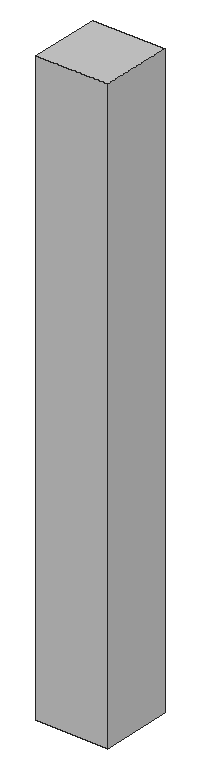
Revit family "@BS-Cot BTCT", category Structural Columns, Revit 2023
Family settings
  Display in Hidden Views = Edges Hidden by Other Members
  Section Shape = Not Defined
  Material for Model Behavior = Concrete
  Always export as geometry = No
  Beam cutback in plan = From bounding box
  OmniClass Number = 23.25.30.11.14.11
  OmniClass Title = Columns
  Cut with Voids When Loaded = No
  Symbolic Representation = From Family
  Shared = No
  Show family pre-cut in plan views = Yes
Parameters (values of type "30x30")
  b = 300 mm
  h = 300 mm
  Structural Material [instance] = Concrete, Cast-in-Place gray
Types (3, lengths in mm): name | b | h
  30x30 | 300 | 300
  22x22 | 220 | 220
  40x40 | 400 | 400
Reference planes
  plane 1 "Center (Front/Back)": y = 0
  plane 2: z = 0
  plane 3 "Center (Left/Right)": x = 0
  plane 4: x = -150
  plane 5: x = 150
  plane 6: y = 150
  plane 7: y = -150
Forms (mm)
  Extrusion 1, solid, material "Concrete, Cast-in-Place gray" <- "Structural Material"
    sketch origin (0, 0, 0) x (1, 0, 0) y (0, 1, 0)
      loop
        line (-150, 150) -> (-150, -150) -> (150, -150) -> (150, 150) -> (-150, 150)
    from 0 to 2500
Dimensions and locks
  equal spacing: plane 4, plane 3 "Center (Left/Right)", plane 5
  equal spacing: plane 7, plane 1 "Center (Front/Back)", plane 6
  "h": plane 7 to plane 6
  "b": plane 4 to plane 5
  aligned and locked: plane 6 to Extrusion 1 sketch curve
  aligned and locked: Extrusion 1 sketch curve to plane 7
  aligned and locked: Extrusion 1 sketch curve to plane 4
  aligned and locked: plane 5 to Extrusion 1 sketch curve
  aligned and locked: level to Extrusion 1
  aligned and locked: level to plane 2
  aligned and locked: Extrusion 1 to plane 2
